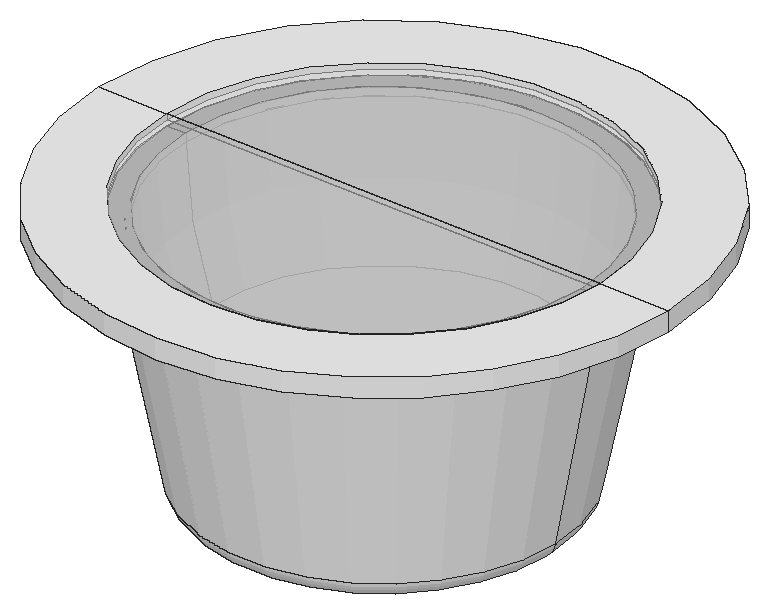
Revit family "2060541+2028036 Sylvania Lighting Fixture ASCENT 100 II ARCH 1000 3K STD EMG 160 with IP44 Frost Glass", category Lighting Fixtures, host Face, Revit 2016
Family settings
  Host = Face
  Part Type = Normal
  Round Connector Dimension = Use Diameter
  OmniClass Number = 23.80.70.11.17
  OmniClass Title = Specialized Lighting by Location or Use
  Cut with Voids When Loaded = No
  Light Source = Yes
  Shared = No
  Room Calculation Point = No
Parameters (values of type "2060541+2028036 ASCT100 II ARCH 1000 3K STD EMG 160 with IP44 Frost Glass Emergency mode")
  WidthBezelAcc_SYL = 25.0 mm
  Weight = "1.92 kg"
  Wattage = 1.65741 W
  WarrantyStartDate [instance] = "n/a"
  WarrantyGuarantorParts = "n/a"
  WarrantyDurationUnit = "n/a"
  WarrantyDurationParts = "n/a"
  WarrantyDescription = "n/a"
  built-in parameter 1150110 = 1 (stored number, unit not read)
  Voltage = 0 V
  VisibilityAccessory_SYL = yes
  TypeName = "ASCT100 II ARCH 1000 3K STD EMG 160 with IP44 Frost Glass Emergency mode"
  built-in parameter 1114217 = 1 (stored number, unit not read)
  Tilt Angle = -90°
  built-in parameter 1150109 = 1 (stored number, unit not read)
  built-in parameter 1150134 = (empty or 0)
  built-in parameter 1150113 = 1 (stored number, unit not read)
  SerialNumber [instance] = "n/a"
  ReflectorRadius_SYL = Radius_SYL - 14.5 mm  # 80.0 mm
  RadiusAcc_SYL = 105.0 mm
  Radius_SYL = 94.5 mm
  URL = "http://www.sylvania-lighting.com"
  PowerFactor = 0
  PowerConsumption = "9 W"
  Photometric Web File = "2060541EM.ies"
  NominalWidth = 0.0 mm
  NominalLength = 0.0 mm
  NominalHeight = 94.0 mm
  Name = "ASCT100 II ARCH 1000 3K STD EMG 160 with IP44 Frost Glass Emergency mode"
  ModelReference = "ASCT100 II ARCH 1000 3K STD EMG 160 with IP44 Frost Glass Emergency mode"
  ModelNumber = "2060541+2028036"
  Material_4_SYL = none
  Material_3_SYL = Polycarbonate_Sylvania_Ascent_Clear
  Material_2_SYL = Aluminium_Sylvania_Ascent_Silver
  Material_1_SYL = Aluminum_Sylvania_Ascent_White
  Material = "aluminium housing, arcylic diffuser"
  ManufacturerName = "Feilo Sylvania"
  LuminousEfficacy = "108 lm/W"
  built-in parameter 1150105 = 14.244 (stored number, unit not read)
  Lumens = 179 lm
  LuminaireType = ""
  built-in parameter 1150115 = 1 (stored number, unit not read)
  LightOutputRatio = "100"
  built-in parameter 1150137 = (empty or 0)
  built-in parameter 1150139 = (empty or 0)
  LampsType = Lamp  # "LED"
  LampNominalLuminous = "968 lm"
  LampMacAdamStep = "3"
  LampColourTemperature = "3000 K"
  LampColourRenderingIndex = "80"
  built-in parameter 1150112 = 1 (stored number, unit not read)
  built-in parameter 1150114 = 1 (stored number, unit not read)
  Keynote = "16500"
  InstallationDate [instance] = "n/a"
  InputVoltage = "n/a"
  InputNominalFrequency = "n/a"
  built-in parameter 1150132 = (empty or 0)
  built-in parameter 1150102 = (empty or 0)
  built-in parameter 1150107 = 3000 (stored number, unit not read)
  built-in parameter 1150138 = (empty or 0)
  IngressProtection = "IP44"
  ImpactProtectionIndex = "IK02"
  built-in parameter 1150106 = 0.14244 (stored number, unit not read)
  IfcExportType = "IfcLightFixtureType"
  IfcExportAs = "IfcLightFixtureType"
  Height_SYL = 94.0 mm
  HeightAcc_SYL = 7.0 mm
  ExpectedLife = 50000
  EmittionSurface_SYL = if(VisibilityAccessory_SYL, 7.0 mm, 3.0 mm)  # 7.0 mm
  Emit from Circle Diameter = DiffuserRadius_SYL * 2  # 146.0 mm
  Emit Shape Visible in Rendering = no
  ElectricShockClassification = "Class II"
  built-in parameter 1150104 = 10.034 (stored number, unit not read)
  DurationUnit = "hours"
  DocumentationLiterature = "http://www.sylvania-lighting.com/product/en-int/products/2060541"
  DimmingControlOptions = "n/a"
  Dimming Lamp Color Temperature Shift = <None>
  DiffuserRadius_SYL = ReflectorRadius_SYL - 7.0 mm  # 73.0 mm
  Diameter_SYL = 2 * Radius_SYL  # 189.0 mm
  CutoutDiameter_SYL = Diameter_SYL - 13.0 mm  # 176.0 mm
  CreatedOn = "9/17/2018"
  CreatedBy = "@sylvania-lighting.com"
  Color Filter = 16777215
  built-in parameter 1114216 [instance] = 1 (stored number, unit not read)
  Model = "ASCT100 II ARCH 1000 3K STD EMG 160 with IP44 Frost Glass Emergency mode"
  Manufacturer = "Feilo Sylvania"
  Lamp = "LED"
  Description = "Direct LED retro fit for original LED 100 Arch (160) single CFL lamp offering Matching lumen levels and improved light distribution of original LED 100 CFL lamp equivalents Typically half the power consumption compared to CFL Up to 112lm/W 160mm aperture Architectural reflector accepts range of glass accessories from existing LED 100 Arch 160 offering HE, HO and VHO versions equivalent of single 1 x 18W, 1 x 32W, 1 x 42W\r\n Additional VVHO versions which offer the performance circa 2 x 32W equivalent"  # constant formula
  Default Elevation = 0.0 mm
  built-in parameter 1140040 [instance] = 1
  BarCode [instance] = "n/a"
  built-in parameter 1114218 = 1 (stored number, unit not read)
  built-in parameter 1150133 = 10 (stored number, unit not read)
  AssetType = "Fixed"
  AssetIdentifier [instance] = "n/a"
  Assembly Code = "D5020200"
  Apparent Load = 1.65741 VA
  Aperture_SYL = 2 * ReflectorRadius_SYL  # 160.0 mm
Types (2, lengths in mm): name | Wattage | TypeName | Photometric Web File | Name | ModelReference | Material_3_SYL | built-in parameter 1150105 | Lumens | built-in parameter 1150106 | Model | Apparent Load
  2060541+2028036 ASCT100 II ARCH 1000 3K STD EMG 160 with IP44 Frost Glass Emergency mode | 1.65741 W | "ASCT100 II ARCH 1000 3K STD EMG 160 with IP44 Frost Glass Emergency mode" | "2060541EM.ies" | "ASCT100 II ARCH 1000 3K STD EMG 160 with IP44 Frost Glass Emergency mode" | "ASCT100 II ARCH 1000 3K STD EMG 160 with IP44 Frost Glass Emergency mode" | Polycarbonate_Sylvania_Ascent_Clear | 14.244 (stored number, unit not read) | 179 lm | 0.14244 (stored number, unit not read) | "ASCT100 II ARCH 1000 3K STD EMG 160 with IP44 Frost Glass Emergency mode" | 1.65741 VA
  2060541+2028036 ASCT100 II ARCH 1000 3K STD EMG 160 with IP44 Frost Glass | 9 W | "ASCENT 100 II ARCH 1000 3K STD EMG 160 with IP44 Frost Glass" | "2060541.ies" | "ASCENT 100 II ARCH 1000 3K STD EMG 160 with IP44 Frost Glass" | "ASCENT 100 II ARCH 1000 3K STD EMG 160 with IP44 Frost Glass" | Polycarbonate_Sylvania_Ascent_Opal | 77.349 (stored number, unit not read) | 972 lm | 0.77349 (stored number, unit not read) | "ASCENT 100 II ARCH 1000 3K STD EMG 160 with IP44 Frost Glass" | 9 VA
Reference planes
  plane 1 "Center (Front/Back)": y = 0
  plane 2: z = 0
  plane 3 "Center (Left/Right)": x = 0
  plane 4 "Fixture Bottom": z = 3
  plane 5: z = -52.5
  plane 6 "Fixture Top": z = -91
  plane 7: x = -105
  plane 8: z = 7
  plane 9: x = -80
  plane 10: z = 5
  plane 11: x = -103
Forms (mm)
  Extrusion 1, solid, material "Aluminum_Sylvania_Ascent_White", detail levels fine
    sketch origin (0, 0, 0) x (1, 0, 0) y (0, 1, 0)
      loop
        circle (0, 0) r 94.5
      loop
        circle (0, 0) r 80
    from 0 to 3
  Extrusion 2, void
    sketch origin (0, 0, 0) x (1, 0, 0) y (0, 1, 0)
      loop
        circle (0, 0) r 88
    from -91 to 3
  Revolve 3, solid, material "Aluminum_Sylvania_Ascent_White" <- "Material_1_SYL", detail levels fine
    sketch origin (0, 0, 0) x (1, 0, 0) y (0, 0, 1)
      loop
        line (0, -91.073) -> (0, -89.023) -> (-55.468, -89.014)
        arc (-55.468, -89.014) -> (-59.352, -87.613) -> (-61.54, -84.139) r 6.307
        line (-61.54, -84.139) -> (-77.991, -2.844) -> (-77.991, 0) -> (-80, 0) -> (-80, -3) -> (-63.5, -84.536)
        arc (-63.5, -84.536) -> (-60.643, -89.203) -> (-55.5, -91.073) r 8.291
        line (-55.5, -91.073) -> (0, -91.073)
      axis (0, 0) -> (0, -91.073)
    angle from 0 to 360
  Revolve 4, solid, material "Aluminium_Sylvania_Ascent_Silver" <- "Material_2_SYL", detail levels fine
    sketch origin (0, 0, 0) x (1, 0, 0) y (0, 0, 1)
      loop
        line (-80, 3) -> (-80, 0) -> (-75, 0)
        arc (-75, 0) -> (-72.349, -26.77) -> (-64.5, -52.5) r 136.5
        line (-64.5, -52.5) -> (-58, -52.5)
        arc (-58, -52.5) -> (-56.857, -61.521) -> (-53.5, -69.971) r 36.166
        line (-53.5, -69.971) -> (0, -69.971) -> (0, -50.5) -> (-63.16, -50.5)
        arc (-63.16, -50.5) -> (-70.517, -25.725) -> (-73, 0) r 134.5
        line (-73, 0) -> (-73, 3) -> (-80, 3)
      axis (0, 3) -> (0, -69.971)
    angle from 0 to 360
  Extrusion 5, solid, material "Polycarbonate_Sylvania_Ascent_Clear" <- "Material_3_SYL", detail levels fine
    sketch origin (0, 0, 0) x (1, 0, 0) y (0, 1, 0)
      loop
        circle (0, 0) r 73
    from 0 to 3
  Revolve 6, solid, material "Aluminum_Sylvania_Ascent_White" <- "Material_1_SYL", detail levels coarse+medium
    sketch origin (0, 0, 0) x (1, 0, 0) y (0, 0, 1)
      loop
        line (0, -91.073) -> (0, 3) -> (-94.5, 3) -> (-94.5, 0) -> (-79.5, 0) -> (-79.5, -3) -> (-63, -84.536)
        arc (-63, -84.536) -> (-60.143, -89.203) -> (-55, -91.073) r 8.291
        line (-55, -91.073) -> (0, -91.073)
      axis (0, 3) -> (0, -91.073)
    angle from 0 to 360
  Revolve 7, solid, material "Aluminum_Sylvania_Ascent_White" <- "Material_1_SYL", visible <- "VisibilityAccessory_SYL"
    sketch origin (0, 0, 0) x (1, 0, 0) y (0, 0, 1)
      loop
        line (-105, 0) -> (-103, 0) -> (-103, 5) -> (-80, 5) -> (-80, 7) -> (-105, 7) -> (-105, 0)
      axis (0, 7) -> (0, 0)
    angle from 0 to 360
  Revolve 8, solid, material "Polycarbonate_Sylvania_Ascent_Clear" <- "Material_3_SYL", visible <- "VisibilityAccessory_SYL"
    sketch origin (0, 0, 0) x (1, 0, 0) y (0, 0, 1)
      loop
        line (-80, 7) -> (-80, 5) -> (0, 5) -> (0, 7) -> (-80, 7)
      axis (0, 7) -> (0, 5)
    angle from 0 to 360
Lines and regions (mm)
  reference lines
    curve 1: line (-150, 0, 7) -> (125, 0, 7)
Dimensions and locks
  locked: plane 4 "Fixture Bottom" to plane 2 at 3
  "Height_SYL": plane 4 "Fixture Bottom" to plane 6 "Fixture Top"
  "ReflectorRadius_SYL": plane 3 "Center (Left/Right)" to Revolve 4 sketch curve
  locked: Revolve 4 sketch curve to Revolve 4 sketch curve at 15.5
  locked: Revolve 4 sketch curve to Revolve 4 sketch curve at 5
  locked: Revolve 4 sketch curve to Revolve 4 sketch curve at 7
  locked: Revolve 4 sketch curve to Revolve 4 sketch curve at 22
  locked: Revolve 4 sketch curve to Revolve 4 sketch curve at 26.5
  locked: Revolve 3 sketch curve to Revolve 3 sketch curve at 16.5
  locked: Revolve 3 sketch curve to Revolve 3 sketch curve at 24.5
  "ReflectorRadius_SYL": Revolve 3 sketch curve to plane 3 "Center (Left/Right)"
  locked: Revolve 3 sketch curve to plane 6 "Fixture Top" at 6.464
  locked: plane 2 to Revolve 3 sketch curve at 3
  locked: Revolve 3 sketch curve to Revolve 3 sketch curve at 2
  locked: Revolve 3 sketch curve to Revolve 3 sketch curve at 2.009
  locked: plane 2 to plane 5 at 52.5
  locked: Revolve 6 sketch curve to Revolve 6 sketch curve at 31.5
  locked: Revolve 6 sketch curve to Revolve 6 sketch curve at 39.5
  locked: Revolve 6 sketch curve to Revolve 6 sketch curve at 15
  "Radius_SYL": plane 3 "Center (Left/Right)" to Revolve 6 sketch curve
  "RadiusAcc_SYL": plane 3 "Center (Left/Right)" to plane 7
  "HeightAcc_SYL": plane 8 to level
  "WidthBezelAcc_SYL": plane 7 to plane 9
  locked: plane 7 to plane 11 at 2
  locked: plane 8 to plane 10 at 2
  "EmittionSurface_SYL": curve 1 to level
  "CutoutDiameter_SYL": diameter of Extrusion 2 sketch curve
  "ReflectorRadius_SYL": radius of Extrusion 1 sketch curve
  "DiffuserRadius_SYL": radius of Extrusion 5 sketch curve
  "Radius_SYL": radius of Extrusion 1 sketch curve
  aligned and locked: host face to plane 2
  aligned and locked: host face to level
  aligned and locked: plane 4 "Fixture Bottom" to Extrusion 1
  aligned and locked: Extrusion 1 to plane 2
  aligned and locked: Revolve 3 sketch curve to plane 3 "Center (Left/Right)"
  aligned and locked: Revolve 4 sketch curve to plane 3 "Center (Left/Right)"  (x2)
  aligned and locked: plane 4 "Fixture Bottom" to Revolve 4 sketch curve
  aligned and locked: Extrusion 5 to plane 2
  aligned and locked: plane 2 to Revolve 3 sketch curve  (x2)
  aligned and locked: Revolve 6 sketch curve to plane 3 "Center (Left/Right)"
  aligned and locked: plane 6 "Fixture Top" to Extrusion 2
  aligned and locked: Revolve 7 sketch curve to plane 3 "Center (Left/Right)"
  aligned and locked: host face to Revolve 7 sketch curve  (x2)
  aligned and locked: Revolve 7 sketch curve to plane 7
  aligned and locked: plane 8 to Revolve 7 sketch curve
  aligned and locked: plane 9 to Revolve 7 sketch curve
  aligned and locked: Revolve 7 sketch curve to plane 10
  aligned and locked: plane 11 to Revolve 7 sketch curve
  aligned and locked: Revolve 7 to Revolve 8 sketch curve
  aligned and locked: Revolve 8 sketch curve to Revolve 7  (x2)
  aligned and locked: Revolve 8 sketch curve to plane 3 "Center (Left/Right)"  (x2)
  aligned and locked: plane 3 "Center (Left/Right)" to imposter light
  aligned and locked: imposter light to plane 1 "Center (Front/Back)"
  aligned and locked: imposter light to curve 1
Automatic sketch dimensions
  plane 1 "Center (Front/Back)" to Extrusion 2 sketch curve = 0.0 mm
  Extrusion 2 sketch curve to plane 3 "Center (Left/Right)" = 0.0 mm
  Extrusion 1 sketch curve to Extrusion 1 sketch curve = 0.0 mm  (x2)
  plane 1 "Center (Front/Back)" to Extrusion 1 sketch curve = 0.0 mm
  Extrusion 1 sketch curve to plane 3 "Center (Left/Right)" = 0.0 mm
  plane 6 "Fixture Top" to Revolve 3 sketch curve = 0.073 mm
  Revolve 3 sketch curve to plane 6 "Fixture Top" = 6.861 mm
  Revolve 3 sketch curve to Revolve 3 sketch curve = 0.003 mm
  Revolve 3 sketch curve to Revolve 3 sketch curve = 0.009 mm  (x2)
  Revolve 3 sketch curve to Revolve 3 sketch curve = 0.023 mm
  Revolve 3 sketch curve to Revolve 3 sketch curve = 0.072 mm
  Revolve 3 sketch curve to Revolve 3 sketch curve = 0.008 mm
  Revolve 3 sketch curve to plane 6 "Fixture Top" = 1.977 mm
  Revolve 3 sketch curve to Revolve 3 sketch curve = 33.496 mm
  Revolve 3 sketch curve to Revolve 3 sketch curve = 0.028 mm
  plane 4 "Fixture Bottom" to Revolve 3 sketch curve = 82.431 mm
  Revolve 4 sketch curve to Revolve 4 sketch curve = 0.0 mm  (x2)
  Revolve 4 sketch curve to plane 5 = 0.0 mm
  Revolve 4 sketch curve to level = 0.0 mm
  plane 5 to Revolve 4 sketch curve = 2.0 mm
  plane 4 "Fixture Bottom" to Revolve 4 sketch curve = 9.642 mm
  plane 1 "Center (Front/Back)" to Extrusion 5 sketch curve = 0.0 mm
  Extrusion 5 sketch curve to plane 3 "Center (Left/Right)" = 0.0 mm
  Revolve 4 sketch curve to level = 69.971 mm
  Revolve 4 sketch curve to Revolve 4 sketch curve = 2.387 mm
  Revolve 6 sketch curve to level = 0.0 mm
  Revolve 6 sketch curve to plane 3 "Center (Left/Right)" = 0.0 mm
  Revolve 6 sketch curve to Revolve 6 sketch curve = 8.104 mm
  Revolve 6 sketch curve to level = 3.0 mm
  Revolve 6 sketch curve to plane 6 "Fixture Top" = 6.464 mm
  plane 6 "Fixture Top" to Revolve 6 sketch curve = 0.073 mm
  Revolve 6 sketch curve to Revolve 6 sketch curve = 33.496 mm
  plane 4 "Fixture Bottom" to Revolve 6 sketch curve = 82.431 mm
  host sketch curve to host sketch curve = 1704.996 mm
  host sketch curve to host sketch curve = 1500.0 mm
  plane 6 "Fixture Top" to Revolve 7 sketch curve = 281.274 mm
  Revolve 7 sketch curve to plane 8 = 1140.706 mm
  plane 6 "Fixture Top" to Revolve 8 sketch curve = 281.274 mm
  Revolve 8 sketch curve to Revolve 8 sketch curve = 1140.706 mm
  Revolve 3 sketch curve to plane 3 "Center (Left/Right)" = 0.0 mm
  Revolve 6 sketch curve to plane 4 "Fixture Bottom" = 0.0 mm
  plane 7 to curve 1 = 45.0 mm
  plane 3 "Center (Left/Right)" to curve 1 = 125.0 mm
Connectors
  electrical at (0, 0, -91.073), driven by "Apparent Load"
    settings: on Revolve 3, index 1, voltage 240 V, apparent load 0 VA, apparent load phase1 1.65741 VA, apparent load phase2 0 VA, apparent load phase3 0 VA, power factor 1, load classification "Lighting", number of poles 1, system type 31, power factor state 1, is connector primary yes, connector utility no, sub classification motor no, connector description ""
